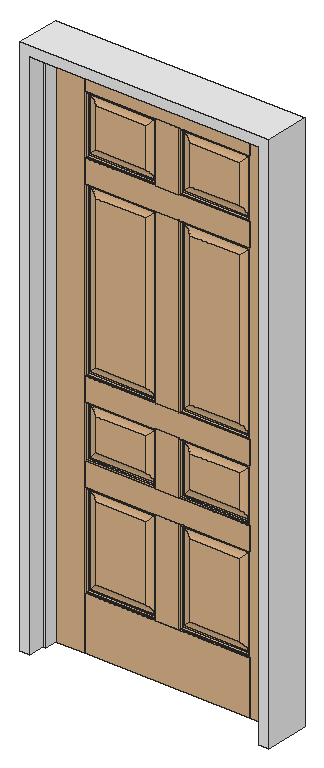
Revit family
Parameters (values of type "1 3/4" Raised Panel")
  URL = "http://www.karonadoor.com"
  Thickness Note = "Do not edit thickness."  # constant formula
  Thickness = 1.774"
  Swing Angle 2D = 90.00°
  SmartBIM Object Version = 1  # constant formula
  SmartBIM Object Created By = "Reed Construction Data"  # constant formula
  Rough Width = 0.000"
  Rough Height = 1.750"
  Panel = Panel_K3080_Karona : 1 3/4" - Raised Panel
  Model = "K3080 Ogee"  # constant formula
  Manufacturer = "Karona , Inc."  # constant formula
  Detail Door Thickness = 1.750"
  Assembly Code = ""
  Top Rail Height = 5.000"
  Top Rail = Wood, Cherry - Grain Horizontal
  Stile Width = 5.063"
  Stile = Wood, Cherry - Grain Vertical
  Sticking = Wood, Cherry - Grain Vertical
  Middle Rail = Wood, Cherry - Grain Horizontal
  Height = 84.000"
  Wall Closure = (empty or 0)
  Width = 36.000"
  Frame = Metal
  Bottom Rail Height = 8.500"
  Bottom Rail = Wood, Cherry - Grain Horizontal
  95 CSI = "08210"  # constant formula
  04 CSI = "08 14 33"  # constant formula
Types (9): name | Thickness | Rough Height | Panel | Detail Door Thickness
  1 3/4" Flat Panel | 1.774" | 1.750" | Panel_K3080_Karona : 1 3/4" - Flat Panel | 1.750"
  1 3/8" Flat Panel | 1.334" | 0.000" | Panel_K3080_Karona : 1 3/8" - Flat Panel | 1.375"
  2 1/4" Flat Panel | 2.250" | 0.000" | Panel_K3080_Karona : 2 1/4" - Flat Panel | 2.250"
  1 3/4" Glass Panel | 1.774" | 1.750" | Panel_K3080_Karona : 1 3/4" - Glass Panel | 1.750"
  1 3/8" Glass Panel | 1.334" | 0.000" | Panel_K3080_Karona : 1 3/8" - Glass Panel | 1.375"
  2 1/4" Glass Panel | 2.250" | 0.000" | Panel_K3080_Karona : 2 1/4" - Glass | 2.250"
  1 3/4" Raised Panel | 1.774" | 1.750" | Panel_K3080_Karona : 1 3/4" - Raised Panel | 1.750"
  1 3/8" Raised Panel | 1.334" | 0.000" | Panel_K3080_Karona : 1 3/8" - Raised Panel | 1.375"
  2 1/4" Raised Panel | 2.250" | 0.000" | Panel_K3080_Karona : 2 1/4" - Raised Panel | 2.250"
Reference planes (in)
  plane 1 "Center (Front/Back)": y = 0
  plane 2 "Center (Left/Right)": x = 0
  plane 3 "Left": x = -18
  plane 4 "Right": x = 18
  plane 5 "Top": z = 84
  plane 6 "Exterior Edge of Frame": y = 3.5
  plane 7 "Interior Edge of Frame": y = -3.5
  plane 8: y = 1
  plane 9: y = -1
  plane 10 "Opening Left": x = -19.5
  plane 11 "Opening Right": x = 19.5
  plane 12 "Top of Opening": z = 85.5
  plane 13: x = -17.5
Forms (in)
  Sweep 1, solid, material "Metal" <- "Frame"
    path origin (0, 0, 0) x (1, 0, 0) y (0, 0, 1)
      loop
        line (-19.5, 0) -> (-19.5, 85.5) -> (19.5, 85.5) -> (19.5, 0)
    profile origin (-19.5, 0, 42.75) x (-1, 0, 0) y (0, -1, 0)
      loop
        line (0, -3.5) -> (0, 3.5) -> (-1.5, 3.5) -> (-1.5, 1) -> (-2, 1) -> (-2, -1) -> (-1.5, -1) -> (-1.5, -3.5) -> (0, -3.5)
Lines and regions (in)
  Opening 1
    outline origin (-90, -3, 0) x (1, 0, 0) y (0, 0, 1)
      loop
        line (70.5, 0) -> (109.5, 0) -> (109.5, 85.5) -> (70.5, 85.5) -> (70.5, 0)
  symbolic lines, style "Elevation Swing"
    curve 1: line (18, 3, 0) -> (-18, 3, 42)
    curve 2: line (-18, 3, 42) -> (18, 3, 84)
Text (in)
  text "Exterior" at (-46.13199, 20.20143, 0), in view "Ref. Level"
  text "Interior" at (-46.13199, -10.56751, 0), in view "Ref. Level"
  text "Exterior" at (0, 40.15149, 123.01588), in view "Right"
  text "Interior" at (0, -64.39139, 123.01588), in view "Right"
  text "Interior" at (0, -31.01599, 123.00693), in view "Left"
  text "Exterior" at (0, 54.57065, 123.00693), in view "Left"
Dimensions and locks (in)
  "Height": level to plane 5 "Top"
  "Width": plane 3 "Left" to plane 4 "Right"
  equal spacing: host wall, curve 2, plane 5 "Top"
  locked: host wall to plane 7 "Interior Edge of Frame" at 0.5
  locked: plane 6 "Exterior Edge of Frame" to host wall at 0.5
  locked: plane 9 to plane 7 "Interior Edge of Frame" at 2.5
  locked: plane 6 "Exterior Edge of Frame" to plane 8 at 2.5
  equal spacing: plane 3 "Left", plane 2 "Center (Left/Right)", plane 4 "Right"
  locked: plane 4 "Right" to plane 11 "Opening Right" at 1.5
  locked: plane 5 "Top" to plane 12 "Top of Opening" at 1.5
  locked: plane 3 "Left" to plane 13 at 0.5
  locked: plane 10 "Opening Left" to plane 3 "Left" at 1.5
  aligned and locked: Opening 1 sketch curve to level
  aligned and locked: plane 4 "Right" to curve 1
  aligned and locked: plane 3 "Left" to curve 1
  aligned and locked: plane 5 "Top" to curve 2
  aligned and locked: Opening 1 sketch curve to plane 11 "Opening Right"
  aligned and locked: plane 12 "Top of Opening" to Opening 1 sketch curve
  aligned and locked: Opening 1 sketch curve to plane 10 "Opening Left"
  aligned and locked: plane 10 "Opening Left" to Sweep 1 sketch curve
  aligned and locked: plane 12 "Top of Opening" to Sweep 1 sketch curve
  aligned and locked: plane 11 "Opening Right" to Sweep 1 sketch curve
  aligned and locked: level to Sweep 1 sketch curve  (x2)
  aligned and locked: Sweep 1 sketch curve to plane 10 "Opening Left"
  aligned and locked: Sweep 1 sketch curve to plane 6 "Exterior Edge of Frame"
  aligned and locked: Sweep 1 sketch curve to plane 7 "Interior Edge of Frame"
  aligned and locked: Sweep 1 sketch curve to plane 8
  aligned and locked: Sweep 1 sketch curve to plane 9
  aligned and locked: plane 13 to Sweep 1 sketch curve
  aligned and locked: plane 3 "Left" to Sweep 1 sketch curve  (x2)
  aligned and locked: nested 1 to plane 2 "Center (Left/Right)"
  aligned and locked: nested 1 to plane 8
  aligned and locked: nested 2 to plane 3 "Left"
  aligned and locked: nested 2 to plane 8
Automatic sketch dimensions
  curve 1 to level = 0.000"
  curve 2 to plane 4 "Right" = 0.000"
Nested families (in)
  nested 1: "Panel_K3080_Karona" at (-13.5, 0.6575, 0) x (-1, 0, 0) z (0, 0, 1), type <- "Panel", type "1 3/4" - Raised Panel"
    with Upper Middle Panel Height 27.000", Middle Panel Height 33.500", Height 84.000"
  nested 2: "Door Panel Plan View" at (-31.5, 1, 0) x (-1, 0, 0) z (0, 0, 1), type "Door Panel Plan View"
    with Thickness 1.750", Height 84.000"
Definition of nested family "Panel_K3080_Karona"
  Parameters (values of type "1 3/4" - Raised Panel")
    Width = 36.000"
    Upper Middle Panel Height = Height - (3 * Mullion Width + Top Rail Height + Top Panel Height + Lower Middle Panel + Panel Height + Bottom Rail Height)  # 43.000"
    Top Rail Material = Wood, Cherry - Grain Horizontal
    Top Rail Height = 5.000"
    Top Panel Offset = Top Rail Height + Half Panel Height  # 12.4375"
    Top Panel Height = 9.375"  # constant formula
    Thickness Note = "Do not change door thickness"  # constant formula
    Thickness = 1.774"
    Stile Width = 5.063"
    Stile Material = Wood, Cherry - Grain Vertical
    Sticking Material = Wood, Cherry - Grain Vertical
    Panel Width = (Width - (2 * Stile Width) - (1 * Mullion Width)) / 2  # 11.1245"
    Panel Height = Bottom Height - (Mullion Width + Bottom Rail Height)  # 14.875"
    Panel = Glass-Sticking-Assembly-Ogee_Karona : Raised Panel
    Mullion Width = 3.625"  # constant formula
    Middle Panel Height = Height - (2 * Panel Height + Top Rail Height + Bottom Rail Height + Mullion Width + Mullion Width)  # 49.500"
    Lower Middle Panel = 8.375"  # constant formula
    Interior Panel = Wood, Cherry - Grain Vertical
    Height = 100.000"
    Half Panel Width = 0.5 * Panel Width  # 5.56225"
    Half Panel Height = 0.5 * Panel Height  # 7.4375"
    Exterior Edge - Glass Bottom Offset = if(Thickness = 1.774", 0.567", if(Thickness = 2.250", 0.803", 0.469"))  # 0.567"
    Door Panel Material = Wood, Cherry - Grain Vertical
    Default Elevation = 0.000"  # constant formula
    Cross Rail and Panel Spacing Start = Half Panel Height + 0.5 * (3.625")  # 9.250"
    Cross Rail Panel Height = Panel Height + 3.625"  # 18.500"
    Bottom Rail Material = Wood, Cherry - Grain Horizontal
    Bottom Rail Height = 8.500"
    Bottom Height = 27.000"
    Assembly Code = ""
  Types (9): name | Upper Middle Panel Height | Top Panel Offset | Thickness | Panel Height | Panel | Middle Panel Height | Interior Panel | Height | Half Panel Height | Exterior Edge - Glass Bottom Offset | Cross Rail and Panel Spacing Start | Cross Rail Panel Height | Bottom Height
    2 1/4" - Flat Panel | 30.625" | 10.625" | 2.250" | 11.250" | Glass-Sticking-Assembly-Ogee_Karona : Flat Panel | 40.750" | Wood, Cherry - Grain Vertical | 84.000" | 5.625" | 0.803" | 7.4375" | 14.875" | 23.375"
    2 1/4" - Glass | 30.625" | 10.625" | 2.250" | 11.250" | Glass-Sticking-Assembly-Ogee_Karona : Glass Panel | 40.750" | Glass | 84.000" | 5.625" | 0.803" | 7.4375" | 14.875" | 23.375"
    2 1/4" - Raised Panel | 30.625" | 10.625" | 2.250" | 11.250" | Glass-Sticking-Assembly-Ogee_Karona : Raised Panel | 40.750" | Wood, Cherry - Grain Vertical | 84.000" | 5.625" | 0.803" | 7.4375" | 14.875" | 23.375"
    1 3/4" - Raised Panel | 43.000" | 12.4375" | 1.774" | 14.875" | Glass-Sticking-Assembly-Ogee_Karona : Raised Panel | 49.500" | Wood, Cherry - Grain Vertical | 100.000" | 7.4375" | 0.567" | 9.250" | 18.500" | 27.000"
    1 3/4" - Flat Panel | 30.625" | 10.625" | 1.774" | 11.250" | Glass-Sticking-Assembly-Ogee_Karona : Flat Panel | 40.750" | Wood, Cherry - Grain Vertical | 84.000" | 5.625" | 0.567" | 7.4375" | 14.875" | 23.375"
    1 3/4" - Glass Panel | 30.625" | 10.625" | 1.774" | 11.250" | Glass-Sticking-Assembly-Ogee_Karona : Glass Panel | 40.750" | Glass | 84.000" | 5.625" | 0.567" | 7.4375" | 14.875" | 23.375"
    1 3/8" - Raised Panel | 30.625" | 10.625" | 1.334" | 11.250" | Glass-Sticking-Assembly-Ogee_Karona : Raised Panel | 40.750" | Wood, Cherry - Grain Vertical | 84.000" | 5.625" | 0.469" | 7.4375" | 14.875" | 23.375"
    1 3/8" - Glass Panel | 30.625" | 10.625" | 1.334" | 11.250" | Glass-Sticking-Assembly-Ogee_Karona : Glass Panel | 40.750" | Glass | 84.000" | 5.625" | 0.469" | 7.4375" | 14.875" | 23.375"
    1 3/8" - Flat Panel | 30.625" | 10.625" | 1.334" | 11.250" | Glass-Sticking-Assembly-Ogee_Karona : Flat Panel | 40.750" | Wood, Cherry - Grain Vertical | 84.000" | 5.625" | 0.469" | 7.4375" | 14.875" | 23.375"
  Reference planes (in)
    plane 1 "Center (Front/Back)": y = 1.2295
    plane 2: z = 0
    plane 3 "Center (Left/Right)": x = -13.5
    plane 4 "Left": x = -31.5
    plane 5: x = 4.5
    plane 6 "Inner Left": x = -26.437
    plane 7 "Inner Right": x = -0.563
    plane 8: z = 8.5
    plane 9 "Bottom Of Top Rail": z = 95
    plane 10 "Top": z = 100
    plane 11 "Interior Edge of Door": y = 2.1165
    plane 12: z = 95
    plane 13 "Exterior Edge of Door": y = 0.3425
    plane 14 "Bottom of Glass": y = 0.9095
    plane 15 "Left Panel Vertical Midline": x = -20.87475
    plane 16 "Right Panel Vertical Midline": x = -6.12525
    plane 17 "Center of Left Vertical Mullion": x = -17.18738
    plane 18 "Center of Right Vertical Mullion": x = -9.81263
    plane 19: z = 85.625
    plane 20: z = 23.375
    plane 21: z = 82
    plane 22: z = 90.3125
    plane 23: z = 15.9375
    plane 24: z = 27
    plane 25: z = 39
    plane 26: z = 35.375
    plane 27: z = 37.1875
    plane 28: z = 60.5
    plane 29: x = -15.3125
    plane 30: x = -8.64583
    plane 31: x = -11.6875
    plane 32: z = 31.1875
  Forms (in)
    Extrusion 1, solid, material "Wood, Cherry - Grain Horizontal" <- "Bottom Rail Material"
      sketch origin (0, -101.3125, 0) x (1, 0, 0) y (0, 0, 1)
        loop
          line (-26.437, 0) -> (-0.563, 0) -> (-0.563, 8.5) -> (-26.437, 8.5) -> (-26.437, 0)
      from -103.429 to -101.655
    Extrusion 2, solid, material "Wood, Cherry - Grain Vertical" <- "Stile Material"
      sketch origin (0, 1.2295, 0) x (1, 0, 0) y (0, 0, 1)
        loop
          line (-31.5, 100) -> (-31.5, 0) -> (-26.437, 0) -> (-26.437, 100) -> (-31.5, 100)
        loop
          line (-0.563, 0) -> (4.5, 0) -> (4.5, 100) -> (-0.563, 100) -> (-0.563, 0)
      from -0.887 to 0.887
    Extrusion 3, solid, material "Wood, Cherry - Grain Horizontal" <- "Top Rail Material"
      sketch origin (0, 1.2295, 0) x (1, 0, 0) y (0, 0, 1)
        loop
          line (-26.437, 100) -> (-26.437, 95) -> (-0.563, 95) -> (-0.563, 100) -> (-26.437, 100)
      from -0.887 to 0.887
    Extrusion 4, solid, material "Wood, Cherry - Grain Horizontal" <- "Top Rail Material"
      sketch origin (0, 1.2295, 0) x (1, 0, 0) y (0, 0, 1)
        loop
          line (-0.563, 82) -> (-0.563, 85.626) -> (-26.437, 85.626) -> (-26.437, 82) -> (-0.563, 82)
        loop
          line (-26.437, 23.375) -> (-0.563, 23.375) -> (-0.563, 27) -> (-26.437, 27) -> (-26.437, 23.375)
        loop
          line (-26.437, 39) -> (-26.437, 35.375) -> (-0.563, 35.375) -> (-0.563, 39) -> (-26.437, 39)
      from -0.887 to 0.887
    Extrusion 5, solid, material "Wood, Cherry - Grain Vertical" <- "Door Panel Material"
      sketch origin (0, 0.3425, 0) x (1, 0, 0) y (0, 0, 1)
        loop
          line (-15.3125, 95) -> (-15.3125, 85.625) -> (-11.6875, 85.625) -> (-11.6875, 95) -> (-15.3125, 95)
        loop
          line (-15.3125, 82) -> (-15.3125, 39) -> (-11.6875, 39) -> (-11.6875, 82) -> (-15.3125, 82)
        loop
          line (-15.3125, 35.375) -> (-15.3125, 27) -> (-11.6875, 27) -> (-11.6875, 35.375) -> (-15.3125, 35.375)
        loop
          line (-15.3125, 23.375) -> (-15.3125, 8.5) -> (-11.6875, 8.5) -> (-11.6875, 23.375) -> (-15.3125, 23.375)
      from -1.774 to 0
  Text (in)
    text "EXTERIOR" at (-34.59289, -1.27941, 0), in view "Ref. Level"
    text "EXTERIOR" at (0, -9.65287, 72.76687), in view "Left"
    text "EXTERIOR" at (0, -33.33473, 96.68074), in view "Right"
  Dimensions and locks (in)
    equal spacing: plane 4 "Left", plane 3 "Center (Left/Right)", plane 5
    "Width": plane 4 "Left" to plane 5
    "Stile Width": plane 4 "Left" to plane 6 "Inner Left"
    "Stile Width": plane 5 to plane 7 "Inner Right"
    "Bottom Rail Height": plane 8 to plane 2
    "Top Rail Height": plane 10 "Top" to plane 9 "Bottom Of Top Rail"
    "Height": plane 10 "Top" to plane 2
    equal spacing: plane 11 "Interior Edge of Door", plane 1 "Center (Front/Back)", plane 13 "Exterior Edge of Door"
    "Thickness": plane 11 "Interior Edge of Door" to plane 13 "Exterior Edge of Door"
    "Exterior Edge - Glass Bottom Offset": plane 14 "Bottom of Glass" to plane 13 "Exterior Edge of Door"
    "Exterior Edge - Glass Bottom Offset": plane 13 "Exterior Edge of Door" to plane 14 "Bottom of Glass"
    "Half Panel Width": plane 15 "Left Panel Vertical Midline" to plane 6 "Inner Left"
    "Half Panel Width": plane 7 "Inner Right" to plane 16 "Right Panel Vertical Midline"
    equal spacing: plane 3 "Center (Left/Right)", plane 17 "Center of Left Vertical Mullion", plane 15 "Left Panel Vertical Midline"
    equal spacing: plane 16 "Right Panel Vertical Midline", plane 18 "Center of Right Vertical Mullion", plane 3 "Center (Left/Right)"
    Extrusion 4 sketch curve to Extrusion 4 sketch curve = 3.626"
    locked: Extrusion 4 sketch curve to Extrusion 4 sketch curve at 3.626
    equal spacing: plane 20, plane 23, plane 8
    equal spacing: plane 12, plane 22, plane 19
    "Mullion Width": plane 24 to plane 20
    "Mullion Width": plane 19 to plane 21
    "Mullion Width": plane 25 to plane 26
    equal spacing: plane 25, plane 27, plane 26
    equal spacing: plane 21, plane 28, plane 25
    "Panel Width": plane 29 to plane 6 "Inner Left"
    "Panel Width": plane 7 "Inner Right" to plane 31
    "Top Panel Height": plane 12 to plane 19
    "Lower Middle Panel": plane 26 to plane 24
    equal spacing: plane 26, plane 32, plane 24
    "Bottom Height": plane 24 to level
    aligned and locked: Extrusion 1 to plane 2
    aligned and locked: plane 11 "Interior Edge of Door" to Extrusion 1
    aligned and locked: plane 4 "Left" to Extrusion 2 sketch curve
    aligned and locked: Extrusion 2 sketch curve to plane 10 "Top"
    aligned and locked: Extrusion 2 sketch curve to Extrusion 1  (x3)
    aligned and locked: Extrusion 1 to Extrusion 2 sketch curve
    aligned and locked: plane 10 "Top" to Extrusion 2 sketch curve
    aligned and locked: plane 5 to Extrusion 2 sketch curve
    aligned and locked: plane 11 "Interior Edge of Door" to Extrusion 2
    aligned and locked: Extrusion 2 to Extrusion 3 sketch curve
    aligned and locked: Extrusion 3 sketch curve to Extrusion 2
    aligned and locked: plane 11 "Interior Edge of Door" to Extrusion 3
    aligned and locked: plane 12 to plane 9 "Bottom Of Top Rail"
    aligned and locked: Extrusion 3 to plane 13 "Exterior Edge of Door"
    aligned and locked: Extrusion 3 to plane 11 "Interior Edge of Door"
    aligned and locked: Extrusion 2 to plane 13 "Exterior Edge of Door"
    aligned and locked: Extrusion 3 to plane 12
    aligned and locked: Extrusion 1 to Extrusion 2
    aligned and locked: nested 1 to plane 1 "Center (Front/Back)"
    aligned and locked: plane 15 "Left Panel Vertical Midline" to nested 1
    aligned and locked: nested 2 to plane 15 "Left Panel Vertical Midline"
    aligned and locked: plane 16 "Right Panel Vertical Midline" to nested 3
    aligned and locked: nested 4 to plane 16 "Right Panel Vertical Midline"
    aligned and locked: plane 22 to nested 1
    aligned and locked: plane 22 to nested 3
    aligned and locked: plane 15 "Left Panel Vertical Midline" to nested 6
    aligned and locked: plane 15 "Left Panel Vertical Midline" to nested 7
    aligned and locked: plane 16 "Right Panel Vertical Midline" to nested 8
    aligned and locked: plane 16 "Right Panel Vertical Midline" to nested 5
    aligned and locked: level to plane 2
    aligned and locked: plane 28 to nested 5
    aligned and locked: plane 28 to nested 6
    aligned and locked: Extrusion 4 to plane 26
    aligned and locked: Extrusion 4 sketch curve to plane 7 "Inner Right"  (x2)
    aligned and locked: plane 7 "Inner Right" to Extrusion 4 sketch curve
    aligned and locked: plane 6 "Inner Left" to Extrusion 4 sketch curve  (x2)
    aligned and locked: Extrusion 4 sketch curve to plane 6 "Inner Left"
    aligned and locked: Extrusion 4 to plane 21
    aligned and locked: Extrusion 4 to plane 20
    aligned and locked: plane 24 to Extrusion 4
    aligned and locked: plane 29 to Extrusion 5 sketch curve  (x4)
    aligned and locked: Extrusion 5 sketch curve to plane 12
    aligned and locked: plane 31 to Extrusion 5 sketch curve  (x4)
    aligned and locked: plane 19 to Extrusion 5 sketch curve
    aligned and locked: Extrusion 5 sketch curve to plane 21
    aligned and locked: plane 25 to Extrusion 5 sketch curve
    aligned and locked: Extrusion 5 sketch curve to plane 26
    aligned and locked: Extrusion 5 sketch curve to plane 20
    aligned and locked: plane 8 to Extrusion 5 sketch curve
    aligned and locked: plane 11 "Interior Edge of Door" to Extrusion 5
    aligned and locked: Extrusion 5 to plane 13 "Exterior Edge of Door"
    aligned and locked: plane 11 "Interior Edge of Door" to Extrusion 4
    aligned and locked: Extrusion 4 to plane 13 "Exterior Edge of Door"
    aligned and locked: plane 23 to nested 4
    aligned and locked: plane 23 to nested 2
    aligned and locked: plane 32 to nested 8
    aligned and locked: plane 32 to nested 7
  Automatic sketch dimensions
    Extrusion 1 sketch curve to plane 6 "Inner Left" = 0.000"
    Extrusion 1 sketch curve to plane 7 "Inner Right" = 0.000"
    Extrusion 1 sketch curve to level = 0.000"
    Extrusion 1 sketch curve to plane 8 = 0.000"
    Extrusion 3 sketch curve to plane 7 "Inner Right" = 0.000"
    plane 9 "Bottom Of Top Rail" to Extrusion 3 sketch curve = 0.000"
    plane 21 to Extrusion 4 sketch curve = 0.000"
    plane 25 to Extrusion 4 sketch curve = 0.000"
    Extrusion 4 sketch curve to plane 25 = 3.625"
    Extrusion 4 sketch curve to plane 24 = 3.625"
    Extrusion 4 sketch curve to plane 24 = 0.000"
    Extrusion 5 sketch curve to Extrusion 5 sketch curve = 3.625"
  Nested families (in)
    nested 1: "Glass-Sticking-Assembly-Ogee_Karona" at (-21.3435, 1.38, 85.625), Width <- "Panel Width", Height <- "Top Panel Height", type <- "Panel", type "Raised Panel"
      with Width 11.1245", Height 9.375", Door Thickness 1.774", C 0.131", B 0.567", A 0.128"
    nested 2: "Glass-Sticking-Assembly-Ogee_Karona" at (-21.3435, 1.382, 8.5), Width <- "Panel Width", Height <- "Panel Height", type <- "Panel", type "Raised Panel"
      with Width 11.1245", Height 14.875", Door Thickness 1.774", C 0.131", B 0.567", A 0.128"
    nested 3: "Glass-Sticking-Assembly-Ogee_Karona" at (-6.594, 1.382, 85.625), Width <- "Panel Width", Height <- "Top Panel Height", type <- "Panel", type "Raised Panel"
      with Width 11.1245", Height 9.375", Door Thickness 1.774", C 0.131", B 0.567", A 0.128"
    nested 4: "Glass-Sticking-Assembly-Ogee_Karona" at (-6.594, 1.382, 8.5), Width <- "Panel Width", Height <- "Panel Height", type <- "Panel", type "Raised Panel"
      with Width 11.1245", Height 14.875", Door Thickness 1.774", C 0.131", B 0.567", A 0.128"
    nested 5: "Glass-Sticking-Assembly-Ogee_Karona" at (-6.594, 1.382, 39), Width <- "Panel Width", Height <- "Upper Middle Panel Height", type <- "Panel", type "Raised Panel"
      with Width 11.1245", Height 43.000", Door Thickness 1.774", C 0.131", B 0.567", A 0.128"
    nested 6: "Glass-Sticking-Assembly-Ogee_Karona" at (-21.3435, 1.382, 39), Width <- "Panel Width", Height <- "Upper Middle Panel Height", type <- "Panel", type "Raised Panel"
      with Width 11.1245", Height 43.000", Door Thickness 1.774", C 0.131", B 0.567", A 0.128"
    nested 7: "Glass-Sticking-Assembly-Ogee_Karona" at (-21.3435, 1.382, 27), Width <- "Panel Width", Height <- "Lower Middle Panel", type <- "Panel", type "Raised Panel"
      with Width 11.1245", Height 8.375", Door Thickness 1.774", C 0.131", B 0.567", A 0.128"
    nested 8: "Glass-Sticking-Assembly-Ogee_Karona" at (-6.594, 1.382, 27), Width <- "Panel Width", Height <- "Lower Middle Panel", type <- "Panel", type "Raised Panel"
      with Width 11.1245", Height 8.375", Door Thickness 1.774", C 0.131", B 0.567", A 0.128"
  Definition of nested family "Glass-Sticking-Assembly-Ogee_Karona"
    Parameters (values of type "Glass Panel")
      Width [instance] = 5.000"
      Vertical Profile Offset = if(Glass Panel, 0.490", 0.100")  # 0.490"
      Stop Adjustment = if(and(not(Glass Panel), Door Thickness = 1.774"), 0.513", if(and(not(Glass Panel), Door Thickness = 2.250"), 0.513", if((Glass Panel), 0.125", 0.273")))  # 0.125"
      Profile = Wood, Cherry - Grain Vertical
      Height [instance] = 23.000"
      Raised Panel = no
      Interior Panel = Glass
      Glass Panel = yes
      Door Thickness = 1.334"
      C = if(Door Thickness = 1.774", 0.131", if(Door Thickness = 2.250", 0.370", 0.093"))  # 0.093"
      B = if(Door Thickness = 1.774", 0.567", if(Door Thickness = 2.250", 0.803", 0.469"))  # 0.469"
      Assembly Code = ""
      A = if(Door Thickness = 1.774", 0.128", if(Door Thickness = 2.250", 0.364", 0.095"))  # 0.095"
    Types (3): name | Width | Vertical Profile Offset | Stop Adjustment | Raised Panel | Interior Panel | Glass Panel | Door Thickness | C | B | A
      Glass Panel | 5.000" | 0.490" | 0.125" | no | Glass | yes | 1.334" | 0.093" | 0.469" | 0.095"
      Flat Panel | 4.500" | 0.100" | 0.513" | no | Wood, Cherry - Grain Vertical | no | 2.250" | 0.370" | 0.803" | 0.364"
      Raised Panel | 4.000" | 0.100" | 0.513" | yes | Wood, Cherry - Grain Vertical | no | 2.250" | 0.370" | 0.803" | 0.364"
    Reference planes (in)
      plane 1 "Stop Adjustment Edge": y = -0.3455
      plane 2: z = 0
      plane 3 "Center (Left/Right)": x = 0.46875
      plane 4 "Back": y = 0.3945
      plane 5 "Front": y = -0.9395
      plane 6 "Left": x = -2.03125
      plane 7 "Right": x = 2.96875
      plane 8 "Top": z = 23
      plane 9 "Center (Up/Down)": z = 11.5
      plane 10 "Bottom of Stop": y = -0.2205
      plane 11 "Bottom of Glass": y = -0.4705
      plane 12 "Right Edge of Glass": x = 2.91875
      plane 13 "Left Edge of Glass": x = -1.98125
      plane 14 "Top Edge of Glass": z = 22.90625
      plane 15 "Bottom Edge of Glass": z = 0.09375
      plane 16: x = 2.84375
      plane 17 "A": y = -0.8445
      plane 18 "C": y = 0.3015
      plane 19 "Bottom Cut Line": z = 0.438
      plane 20 "Top Cut Line": z = 22.562
      plane 21 "Cut Vertical Left": x = -1.59325
      plane 22 "Cut Vertical": x = 2.53075
      plane 23 "Center (Front/Back)": y = -0.2725
    Forms (in)
      Sweep 1, solid, material "Wood, Cherry - Grain Vertical" <- "Profile"
        path origin (0, -0.3455, 0) x (1, 0, 0) y (0, 0, 1)
          loop
            line (2.96875, 23) -> (-2.03125, 23) -> (-2.03125, 0) -> (2.96875, 0) -> (2.96875, 23)
        profile origin (2.96875, -0.3455, 11.5) x (0, -1, 0) y (1, 0, 0)
          loop
            line (-0.647, 0) -> (-0.647, -0.438) -> (-0.125, -0.438) -> (-0.125, -0.05) -> (0.125, -0.05) -> (0.125, -0.438) -> (0.499, -0.438) -> (0.499, 0) -> (-0.647, 0)
      Extrusion 2, solid, material "Glass" <- "Interior Panel"
        sketch origin (0, 0, 0) x (1, 0, 0) y (0, 1, 0)
          loop
            line (-1.98125, -0.2205) -> (-1.98125, -0.4705) -> (2.91875, -0.4705) -> (2.91875, -0.2205) -> (-1.98125, -0.2205)
        from 0.09375 to 22.90625
      Extrusion 3, solid, material "Wood, Cherry - Grain Vertical" <- "Profile", visible <- "Raised Panel"
        sketch origin (0, 0, 0) x (1, 0, 0) y (0, 1, 0)
          loop
            line (2.53075, 0.3015) -> (-1.59325, 0.3015) -> (-1.59325, -0.2205) -> (2.53075, -0.2205) -> (2.53075, 0.3015)
          loop
            line (-1.59325, -0.4705) -> (-1.59325, -0.8445) -> (2.53075, -0.8445) -> (2.53075, -0.4705) -> (-1.59325, -0.4705)
        from 0.438 to 22.562
      Sweep 4, void
        path origin (0, -0.2205, 0) x (-1, 0, 0) y (0, 0, 1)
          loop
            line (2.03125, 0) -> (2.03125, 23) -> (-2.96875, 23) -> (-2.96875, 0) -> (2.03125, 0)
        profile "Profile : 05" origin (-2.03125, -0.2205, 11.5) x (1, 0, 0) y (0, 1, 0)
          loop
            line (0, 0.49) -> (0.36169, 0.49096)
            arc (0.36169, 0.49096) -> (1.01257, 0.57642) -> (1.61934, 0.827) r 2.52143
            line (1.61934, 0.827) -> (0, 0.827) -> (0, 0.49)
      Sweep 5, void
        path origin (0, -0.4705, 0) x (-1, 0, 0) y (0, 0, 1)
          loop
            line (-2.96875, 23) -> (-2.96875, 0) -> (2.03125, 0) -> (2.03125, 23) -> (-2.96875, 23)
        profile "Profile : 05" origin (2.96875, -0.4705, 11.5) x (-1, 0, 0) y (0, 1, 0)
          loop
            line (0, -0.102) -> (0, -0.439) -> (1.61934, -0.439)
            arc (1.61934, -0.439) -> (1.01257, -0.18842) -> (0.36169, -0.10296) r 2.52143
            line (0.36169, -0.10296) -> (0, -0.102)
      Sweep 6, void
        path origin (0, 0.3015, 0) x (1, 0, 0) y (0, 0, 1)
          loop
            line (-1.59325, 0.438) -> (2.53075, 0.438) -> (2.53075, 22.562) -> (-1.59325, 22.562) -> (-1.59325, 0.438)
        profile "QuarterCircleCut : QuarterCircleCut" origin (2.53075, 0.3015, 11.5) x (-1, 0, 0) y (0, -1, 0)
          loop
            arc (0.3196, 0) -> (0.182, 0.057) -> (0.125, 0.1946) r 0.1946
            line (0.125, 0.1946) -> (0.125, 0.27745) -> (0, 0.27745) -> (0, 0) -> (0.3196, 0)
      Sweep 7, void
        path origin (0, -0.8445, 0) x (1, 0, 0) y (0, 0, 1)
          loop
            line (-1.59325, 0.438) -> (2.53075, 0.438) -> (2.53075, 22.562) -> (-1.59325, 22.562) -> (-1.59325, 0.438)
        profile "QuarterCircleCut : QuarterCircleCut" origin (2.53075, -0.8445, 11.5) x (-1, 0, 0) y (0, -1, 0)
          loop
            line (0.3196, 0) -> (0, 0) -> (0, -0.27745) -> (0.125, -0.27745) -> (0.125, -0.1946)
            arc (0.125, -0.1946) -> (0.182, -0.057) -> (0.3196, 0) r 0.1946
    Cuts and joins
      Sweep 4, Sweep 5, Sweep 7 cuts Extrusion 3
      Sweep 6, Sweep 7 cuts Sweep 1
    Text (in)
      text "INTERIOR" at (-14.3788, 3.49864, 0), in view "Ref. Level"
    Dimensions and locks (in)
      equal spacing: plane 6 "Left", plane 3 "Center (Left/Right)", plane 7 "Right"
      "Width": plane 6 "Left" to plane 7 "Right"
      "Door Thickness": plane 4 "Back" to plane 5 "Front"
      "Height": plane 8 "Top" to plane 2
      equal spacing: plane 8 "Top", plane 9 "Center (Up/Down)", level
      locked: plane 1 "Stop Adjustment Edge" to plane 11 "Bottom of Glass" at 0.125
      "Stop Adjustment": plane 10 "Bottom of Stop" to plane 1 "Stop Adjustment Edge"
      locked: plane 12 "Right Edge of Glass" to plane 7 "Right" at 0.05
      locked: plane 8 "Top" to plane 14 "Top Edge of Glass" at 0.09375
      locked: plane 15 "Bottom Edge of Glass" to level at 0.09375
      locked: plane 6 "Left" to plane 13 "Left Edge of Glass" at 0.05
      "B": plane 5 "Front" to plane 11 "Bottom of Glass"
      locked: plane 16 to plane 7 "Right" at 0.125
      "A": plane 5 "Front" to plane 17 "A"
      "C": plane 18 "C" to plane 4 "Back"
      plane 4 "Back" to Sweep 1 = 0.615"
      locked: plane 19 "Bottom Cut Line" to level at 0.438
      locked: plane 8 "Top" to plane 20 "Top Cut Line" at 0.438
      locked: plane 6 "Left" to plane 21 "Cut Vertical Left" at 0.438
      locked: plane 22 "Cut Vertical" to plane 7 "Right" at 0.438
      equal spacing: plane 4 "Back", plane 23 "Center (Front/Back)", plane 5 "Front"
      aligned and locked: Sweep 1 sketch curve to plane 7 "Right"
      aligned and locked: Sweep 1 sketch curve to plane 8 "Top"
      aligned and locked: Sweep 1 sketch curve to plane 6 "Left"
      aligned and locked: Sweep 1 sketch curve to level
      aligned and locked: plane 10 "Bottom of Stop" to Sweep 1 sketch curve
      aligned and locked: plane 11 "Bottom of Glass" to Sweep 1 sketch curve
      aligned and locked: Extrusion 2 sketch curve to plane 13 "Left Edge of Glass"
      aligned and locked: Extrusion 2 sketch curve to plane 10 "Bottom of Stop"
      aligned and locked: Extrusion 2 sketch curve to plane 11 "Bottom of Glass"
      aligned and locked: Extrusion 2 sketch curve to plane 12 "Right Edge of Glass"
      aligned and locked: plane 14 "Top Edge of Glass" to Extrusion 2
      aligned and locked: Extrusion 2 to plane 15 "Bottom Edge of Glass"
      aligned and locked: Extrusion 3 sketch curve to plane 18 "C"
      aligned and locked: Extrusion 3 sketch curve to plane 10 "Bottom of Stop"
      aligned and locked: Extrusion 3 sketch curve to plane 11 "Bottom of Glass"
      aligned and locked: Extrusion 3 sketch curve to plane 17 "A"
      aligned and locked: Extrusion 3 to plane 19 "Bottom Cut Line"
      aligned and locked: Extrusion 3 to plane 20 "Top Cut Line"
      aligned and locked: plane 12 "Right Edge of Glass" to Sweep 1 sketch curve
      aligned and locked: plane 22 "Cut Vertical" to Extrusion 3 sketch curve  (x2)
      aligned and locked: Extrusion 3 sketch curve to plane 21 "Cut Vertical Left"  (x2)
      aligned and locked: plane 22 "Cut Vertical" to Sweep 1 sketch curve
      aligned and locked: Sweep 5 sketch curve to plane 6 "Left"
      aligned and locked: plane 8 "Top" to Sweep 5 sketch curve
      aligned and locked: Sweep 5 sketch curve to plane 7 "Right"
      aligned and locked: level to Sweep 5 sketch curve
      aligned and locked: Sweep 4 sketch curve to plane 7 "Right"
      aligned and locked: plane 8 "Top" to Sweep 4 sketch curve
      aligned and locked: Sweep 4 sketch curve to plane 6 "Left"
      aligned and locked: level to Sweep 4 sketch curve
      aligned and locked: plane 18 "C" to Sweep 1 sketch curve
      aligned and locked: Sweep 6 sketch curve to plane 21 "Cut Vertical Left"
      aligned and locked: plane 22 "Cut Vertical" to Sweep 6 sketch curve
      aligned and locked: Sweep 6 sketch curve to plane 19 "Bottom Cut Line"
      aligned and locked: plane 20 "Top Cut Line" to Sweep 6 sketch curve
      aligned and locked: Sweep 1 sketch curve to plane 22 "Cut Vertical"
      aligned and locked: plane 17 "A" to Sweep 1 sketch curve
      aligned and locked: Sweep 7 sketch curve to plane 21 "Cut Vertical Left"
      aligned and locked: plane 20 "Top Cut Line" to Sweep 7 sketch curve
      aligned and locked: plane 22 "Cut Vertical" to Sweep 7 sketch curve
      aligned and locked: Sweep 7 sketch curve to plane 19 "Bottom Cut Line"
    Automatic sketch dimensions
      Sweep 1 sketch curve to profile plane = 0.000"
Definition of nested family "Door Panel Plan View"
  Parameters (values of type "Door Panel Plan View")
    Width = 36.000"
    Thickness = 2.000"
    Swing Angle 2D = 90.00°
    Height = 0.000"
    Assembly Code = ""
  Reference planes (in)
    plane 1 "Center (Front/Back)": y = 0
    plane 2: z = 0
    plane 3 "Center (Left/Right)": x = -13.5
  Lines and regions (in)
    symbolic lines, style "DoorsPanelProjection"
      curve 1: line (-13.5, 0, 0) -> (-13.5, 36, 0)
      curve 2: line (-15.5, 0, 0) -> (-15.5, 36, 0)
      curve 3: line (-13.5, 0, 0) -> (-15.5, 0, 0)
      curve 4: line (-13.5, 36, 0) -> (-15.5, 36, 0)
    symbolic lines, style "Plan Swing"
      curve 5: arc (-13.5, 36, 0) -> (-38.95584, 25.45584, 0) -> (-49.5, 0, 0) r 36
  Dimensions and locks (in)
    "Width": curve 4 to curve 3
    "Thickness": curve 1 to curve 2
    "Swing Angle 2D": angle curve 1 to plane 1 "Center (Front/Back)"
    aligned and locked: plane 1 "Center (Front/Back)" to curve 5
  Automatic sketch dimensions
    curve 3 to plane 1 "Center (Front/Back)" = 0.000"
    curve 5 to plane 3 "Center (Left/Right)" = 0.000"
    curve 3 to plane 3 "Center (Left/Right)" = 0.000"
